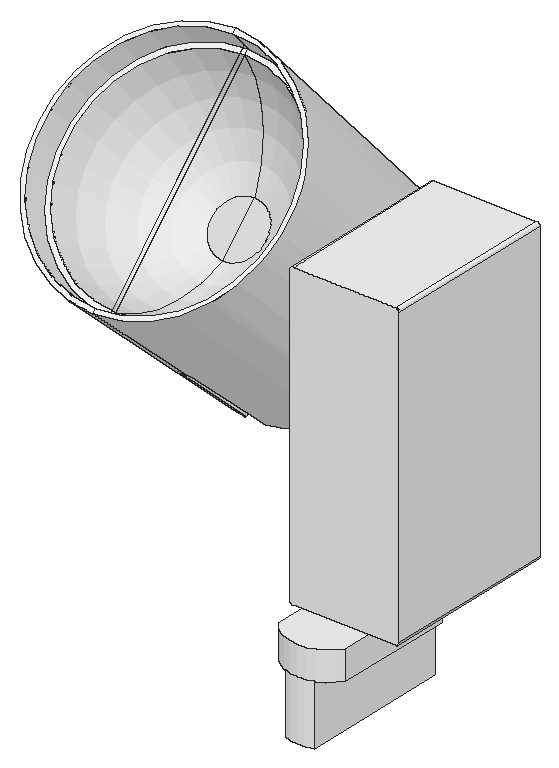
Revit family "0004881 Feilo Sylvania Lighting Fixture START TRACK SPOT L 55W 4K RA90 MB WHITE", category Lighting Fixtures, host Face, Revit 2017 (continued)
Definition of nested family "Start Track Spot Head"
  Types (96, lengths in mm): name | Wattage | built-in parameter 1150134 | Photometric Web File | Model | built-in parameter 1150105 | Lumens | built-in parameter 1150107 | built-in parameter 1150106 | HeadThickness_FEILO | HeadRibOffset_FEILO | HeadRibDepth_FEILO | HeadRibCutWidth_FEILO | HeadRibCutOffset_FEILO | HeadReflectorRadius_FEILO | HeadReflectorOffset_FEILO | HeadLEDRadius_FEILO | HeadHeight_FEILO | HeadDiffusorOffset_FEILO | HeadDiaOut_FEILO | HeadDiaIn_FEILO | HeadAxisFromTop_FEILO | Emit from Circle Diameter | built-in parameter 1150104 | Description | Apparent Load
    0004864 START TRACK SPOT S 24W 3K RA90 WB WHITE | 24 W | (empty or 0) | "0004864.ies" | "START TRACK SPOT S 24W 3K RA90 WB WHITE" | 152.79 (stored number, unit not read) | 1920 lm | 3000 (stored number, unit not read) | 1.5279 (stored number, unit not read) | 1.5 | 4.179 | 55.714 | 7.167 | 50.87 | 50.588 | 55.714 | 9.556 | 117 | 9.435 | 86 | 77.477 | 69.354 | 77.477 | 7.4322 (stored number, unit not read) | "Integrated LED spotlight, Textured White - RAL9016, compact and minimalist design, ideal for retail applications, die-cast aluminium body, passive cooling heatsink. Beam angle: 64°, color temperature: 3000K , total system power: 24W, total fixture output: 1928 lm, LOR: 100%, colour rendering: Ra: 90 typical, LED Chromaticity: 3 step MacAdam ellipse, lifetime: >50000 hours at L70B50, energy class: A++, A+, A, IR/UV free light source without heat radiation, operating voltage: 220-240V / 50-60Hz, drive current: 600mA, electronic driver, non-dimmable, power factor: 0.95, electrical protection: Class II, Global Track 3 Phase adapter suitable for Global trac 3-circuit tracks, ingress protection rating: IP20, suitable for internal environment only, horizontal rotation: 355°, vertical tilt: 90°, dimensions: Ø86x140x200, weight: 0.966kg." | 24 VA
    0004863 START TRACK SPOT S 24W 3K RA90 MB WHITE | 24 W | (empty or 0) | "0004863.ies" | "START TRACK SPOT S 24W 3K RA90 MB WHITE" | 154.7 (stored number, unit not read) | 1944 lm | 3000 (stored number, unit not read) | 1.547 (stored number, unit not read) | 1.5 | 4.179 | 55.714 | 7.167 | 50.87 | 50.588 | 55.714 | 9.556 | 117 | 9.435 | 86 | 77.477 | 69.354 | 77.477 | 7.5251 (stored number, unit not read) | "Integrated LED spotlight, Textured White - RAL9016, compact and minimalist design, ideal for retail applications, die-cast aluminium body, passive cooling heatsink. Beam angle: 36°, color temperature: 3000K , total system power: 24W, total fixture output: 1944 lm, LOR: 100%, colour rendering: Ra: 90 typical, LED Chromaticity: 3 step MacAdam ellipse, lifetime: >50000 hours at L70B50, energy class: A++, A+, A, IR/UV free light source without heat radiation, operating voltage: 220-240V / 50-60Hz, drive current: 600mA, electronic driver, non-dimmable, power factor: 0.95, electrical protection: Class II, Global Track 3 Phase adapter suitable for Global trac 3-circuit tracks, ingress protection rating: IP20, suitable for internal environment only, horizontal rotation: 355°, vertical tilt: 90°, dimensions: Ø86x140x200, weight: 0.966kg." | 24 VA
    0004862 START TRACK SPOT S 24W 3K RA90 NB WHITE | 24 W | (empty or 0) | "0004862.ies" | "START TRACK SPOT S 24W 3K RA90 NB WHITE" | 158.52 (stored number, unit not read) | 1992 lm | 3000 (stored number, unit not read) | 1.5852 (stored number, unit not read) | 1.5 | 4.179 | 55.714 | 7.167 | 50.87 | 50.588 | 55.714 | 9.556 | 117 | 9.435 | 86 | 77.477 | 69.354 | 77.477 | 7.711 (stored number, unit not read) | "Integrated LED spotlight, Textured White - RAL9016, compact and minimalist design, ideal for retail applications, die-cast aluminium body, passive cooling heatsink. Beam angle: 12°, color temperature: 3000K , total system power: 24W, total fixture output: 1987 lm, LOR: 100%, colour rendering: Ra: 90 typical, LED Chromaticity: 3 step MacAdam ellipse, lifetime: >50000 hours at L70B50, energy class: A++, A+, A, IR/UV free light source without heat radiation, operating voltage: 220-240V / 50-60Hz, drive current: 600mA, electronic driver, non-dimmable, power factor: 0.95, electrical protection: Class II, Global Track 3 Phase adapter suitable for Global trac 3-circuit tracks, ingress protection rating: IP20, suitable for internal environment only, horizontal rotation: 355°, vertical tilt: 90°, dimensions: Ø86x140x200, weight: 0.966kg." | 24 VA
    0004861 START TRACK SPOT S 14W 3K RA90 WB WHITE | 14 W | (empty or 0) | "0004861.ies" | "START TRACK SPOT S 14W 3K RA90 WB WHITE" | 100.27 (stored number, unit not read) | 1260 lm | 3000 (stored number, unit not read) | 1.0027 (stored number, unit not read) | 1.5 | 4.179 | 55.714 | 7.167 | 50.87 | 50.588 | 55.714 | 9.556 | 117 | 9.435 | 86 | 77.477 | 69.354 | 77.477 | 8.3613 (stored number, unit not read) | "Integrated LED spotlight, Textured White - RAL9016, compact and minimalist design, ideal for retail applications, die-cast aluminium body, passive cooling heatsink. Beam angle: 64°, color temperature: 3000K , total system power: 14W, total fixture output: 1262 lm, LOR: 100%, colour rendering: Ra: 90 typical, LED Chromaticity: 3 step MacAdam ellipse, lifetime: >50000 hours at L70B50, energy class: A++, A+, A, IR/UV free light source without heat radiation, operating voltage: 220-240V / 50-60Hz, drive current: 350mA, electronic driver, non-dimmable, power factor: 0.92, electrical protection: Class II, Global Track 3 Phase adapter suitable for Global trac 3-circuit tracks, ingress protection rating: IP20, suitable for internal environment only, horizontal rotation: 355°, vertical tilt: 90°, dimensions: Ø86x140x200, weight: 0.940kg." | 14 VA
    0004860 START TRACK SPOT S 14W 3K RA90 MB WHITE | 14 W | (empty or 0) | "0004860.ies" | "START TRACK SPOT S 14W 3K RA90 MB WHITE" | 100.27 (stored number, unit not read) | 1260 lm | 3000 (stored number, unit not read) | 1.0027 (stored number, unit not read) | 1.5 | 4.179 | 55.714 | 7.167 | 50.87 | 50.588 | 55.714 | 9.556 | 117 | 9.435 | 86 | 77.477 | 69.354 | 77.477 | 8.3613 (stored number, unit not read) | "Integrated LED spotlight, Textured White - RAL9016, compact and minimalist design, ideal for retail applications, die-cast aluminium body, passive cooling heatsink. Beam angle: 36°, color temperature: 3000K , total system power: 14W, total fixture output: 1262 lm, LOR: 100%, colour rendering: Ra: 90 typical, LED Chromaticity: 3 step MacAdam ellipse, lifetime: >50000 hours at L70B50, energy class: A++, A+, A, IR/UV free light source without heat radiation, operating voltage: 220-240V / 50-60Hz, drive current: 350mA, electronic driver, non-dimmable, power factor: 0.92, electrical protection: Class II, Global Track 3 Phase adapter suitable for Global trac 3-circuit tracks, ingress protection rating: IP20, suitable for internal environment only, horizontal rotation: 355°, vertical tilt: 90°, dimensions: Ø86x140x200, weight: 0.940kg." | 14 VA
    0004859 START TRACK SPOT S 14W 3K RA90 NB WHITE | 14 W | (empty or 0) | "0004859.ies" | "START TRACK SPOT S 14W 3K RA90 NB WHITE" | 102.5 (stored number, unit not read) | 1288 lm | 3000 (stored number, unit not read) | 1.025 (stored number, unit not read) | 1.5 | 4.179 | 55.714 | 7.167 | 50.87 | 50.588 | 55.714 | 9.556 | 117 | 9.435 | 86 | 77.477 | 69.354 | 77.477 | 8.5471 (stored number, unit not read) | "Integrated LED spotlight, Textured White - RAL9016, compact and minimalist design, ideal for retail applications, die-cast aluminium body, passive cooling heatsink. Beam angle: 12°, color temperature: 3000K , total system power: 14W, total fixture output: 1284 lm, LOR: 100%, colour rendering: Ra: 90 typical, LED Chromaticity: 3 step MacAdam ellipse, lifetime: >50000 hours at L70B50, energy class: A++, A+, A, IR/UV free light source without heat radiation, operating voltage: 220-240V / 50-60Hz, drive current: 350mA, electronic driver, non-dimmable, power factor: 0.92, electrical protection: Class II, Global Track 3 Phase adapter suitable for Global trac 3-circuit tracks, ingress protection rating: IP20, suitable for internal environment only, horizontal rotation: 355°, vertical tilt: 90°, dimensions: Ø86x140x200, weight: 0.940kg." | 14 VA
    0004858 START TRACK SPOT L 55W 4K RA80 WB BLACK | 55 W | 12 | "0004858.ies" | "START TRACK SPOT L 55W 4K RA80 WB BLACK" | 424.55 (stored number, unit not read) | 5335 lm | 4000 (stored number, unit not read) | 4.2455 (stored number, unit not read) | 2 | 4.429 | 59.048 | 9.417 | 53.913 | 66.471 | 59.048 | 12.556 | 124 | 10 | 113 | 101.802 | 73.503 | 101.802 | 9.0116 (stored number, unit not read) | "Integrated LED spotlight, Textured Black - RAL9005, compact and minimalist design, ideal for retail applications, die-cast aluminium body, passive cooling heatsink. Beam angle: 52°, color temperature: 4000K , total system power: 55W, total fixture output: 5320 lm, LOR: 100%, colour rendering: Ra: 80 typical, LED Chromaticity: 3 step MacAdam ellipse, lifetime: >50000 hours at L70B50, energy class: A++, A+, A, IR/UV free light source without heat radiation, operating voltage: 220-240V / 50-60Hz, drive current: 1400mA, electronic driver, non-dimmable, power factor: 0.96, electrical protection: Class II, Global Track 3 Phase adapter suitable for Global trac 3-circuit tracks, ingress protection rating: IP20, suitable for internal environment only, horizontal rotation: 355°, vertical tilt: 90°, dimensions: Ø113x164x240, weight: 1.398kg." | 55 VA
    0004857 START TRACK SPOT L 55W 4K RA80 MB BLACK | 55 W | 12 | "0004857.ies" | "START TRACK SPOT L 55W 4K RA80 MB BLACK" | 428.92 (stored number, unit not read) | 5390 lm | 4000 (stored number, unit not read) | 4.2892 (stored number, unit not read) | 2 | 4.429 | 59.048 | 9.417 | 53.913 | 66.471 | 59.048 | 12.556 | 124 | 10 | 113 | 101.802 | 73.503 | 101.802 | 9.1045 (stored number, unit not read) | "Integrated LED spotlight, Textured Black - RAL9005, compact and minimalist design, ideal for retail applications, die-cast aluminium body, passive cooling heatsink. Beam angle: 38°, color temperature: 4000K , total system power: 55W, total fixture output: 5378 lm, LOR: 100%, colour rendering: Ra: 80 typical, LED Chromaticity: 3 step MacAdam ellipse, lifetime: >50000 hours at L70B50, energy class: A++, A+, A, IR/UV free light source without heat radiation, operating voltage: 220-240V / 50-60Hz, drive current: 1400mA, electronic driver, non-dimmable, power factor: 0.96, electrical protection: Class II, Global Track 3 Phase adapter suitable for Global trac 3-circuit tracks, ingress protection rating: IP20, suitable for internal environment only, horizontal rotation: 355°, vertical tilt: 90°, dimensions: Ø113x164x240, weight: 1.398kg." | 55 VA
    0004856 START TRACK SPOT L 55W 4K RA80 NB BLACK | 55 W | 12 | "0004856.ies" | "START TRACK SPOT L 55W 4K RA80 NB BLACK" | 433.3 (stored number, unit not read) | 5445 lm | 4000 (stored number, unit not read) | 4.333 (stored number, unit not read) | 2 | 4.429 | 59.048 | 9.417 | 53.913 | 66.471 | 59.048 | 12.556 | 124 | 10 | 113 | 101.802 | 73.503 | 101.802 | 9.1974 (stored number, unit not read) | "Integrated LED spotlight, Textured Black - RAL9005, compact and minimalist design, ideal for retail applications, die-cast aluminium body, passive cooling heatsink. Beam angle: 15°, color temperature: 4000K , total system power: 55W, total fixture output: 5426 lm, LOR: 100%, colour rendering: Ra: 80 typical, LED Chromaticity: 3 step MacAdam ellipse, lifetime: >50000 hours at L70B50, energy class: A++, A+, A, IR/UV free light source without heat radiation, operating voltage: 220-240V / 50-60Hz, drive current: 1400mA, electronic driver, non-dimmable, power factor: 0.96, electrical protection: Class II, Global Track 3 Phase adapter suitable for Global trac 3-circuit tracks, ingress protection rating: IP20, suitable for internal environment only, horizontal rotation: 355°, vertical tilt: 90°, dimensions: Ø113x164x240, weight: 1.398kg." | 55 VA
    0004855 START TRACK SPOT L 35W 4K RA80 WB BLACK | 35 W | 12 | "0004855.ies" | "START TRACK SPOT L 35W 4K RA80 WB BLACK" | 320.3 (stored number, unit not read) | 4025 lm | 4000 (stored number, unit not read) | 3.203 (stored number, unit not read) | 2 | 4.429 | 59.048 | 9.417 | 53.913 | 66.471 | 59.048 | 12.556 | 124 | 10 | 113 | 101.802 | 73.503 | 101.802 | 10.684 (stored number, unit not read) | "Integrated LED spotlight, Textured Black - RAL9005, compact and minimalist design, ideal for retail applications, die-cast aluminium body, passive cooling heatsink. Beam angle: 52°, color temperature: 4000K , total system power: 35W, total fixture output: 4010 lm, LOR: 100%, colour rendering: Ra: 80 typical, LED Chromaticity: 3 step MacAdam ellipse, lifetime: >50000 hours at L70B50, energy class: A++, A+, A, IR/UV free light source without heat radiation, operating voltage: 220-240V / 50-60Hz, drive current: 900mA, electronic driver, non-dimmable, power factor: 0.93, electrical protection: Class II, Global Track 3 Phase adapter suitable for Global trac 3-circuit tracks, ingress protection rating: IP20, suitable for internal environment only, horizontal rotation: 355°, vertical tilt: 90°, dimensions: Ø113x164x240, weight: 1.368kg." | 35 VA
    0004854 START TRACK SPOT L 35W 4K RA80 MB BLACK | 35 W | 12 | "0004854.ies" | "START TRACK SPOT L 35W 4K RA80 MB BLACK" | 320.3 (stored number, unit not read) | 4025 lm | 4000 (stored number, unit not read) | 3.203 (stored number, unit not read) | 2 | 4.429 | 59.048 | 9.417 | 53.913 | 66.471 | 59.048 | 12.556 | 124 | 10 | 113 | 101.802 | 73.503 | 101.802 | 10.684 (stored number, unit not read) | "Integrated LED spotlight, Textured Black - RAL9005, compact and minimalist design, ideal for retail applications, die-cast aluminium body, passive cooling heatsink. Beam angle: 38°, color temperature: 4000K , total system power: 35W, total fixture output: 4017 lm, LOR: 100%, colour rendering: Ra: 80 typical, LED Chromaticity: 3 step MacAdam ellipse, lifetime: >50000 hours at L70B50, energy class: A++, A+, A, IR/UV free light source without heat radiation, operating voltage: 220-240V / 50-60Hz, drive current: 900mA, electronic driver, non-dimmable, power factor: 0.93, electrical protection: Class II, Global Track 3 Phase adapter suitable for Global trac 3-circuit tracks, ingress protection rating: IP20, suitable for internal environment only, horizontal rotation: 355°, vertical tilt: 90°, dimensions: Ø113x164x240, weight: 1.368kg." | 35 VA
    0004853 START TRACK SPOT L 35W 4K RA80 NB BLACK | 35 W | 12 | "0004853.ies" | "START TRACK SPOT L 35W 4K RA80 NB BLACK" | 331.44 (stored number, unit not read) | 4165 lm | 4000 (stored number, unit not read) | 3.3144 (stored number, unit not read) | 2 | 4.429 | 59.048 | 9.417 | 53.913 | 66.471 | 59.048 | 12.556 | 124 | 10 | 113 | 101.802 | 73.503 | 101.802 | 11.055 (stored number, unit not read) | "Integrated LED spotlight, Textured Black - RAL9005, compact and minimalist design, ideal for retail applications, die-cast aluminium body, passive cooling heatsink. Beam angle: 15°, color temperature: 4000K , total system power: 35W, total fixture output: 4174 lm, LOR: 100%, colour rendering: Ra: 80 typical, LED Chromaticity: 3 step MacAdam ellipse, lifetime: >50000 hours at L70B50, energy class: A++, A+, A, IR/UV free light source without heat radiation, operating voltage: 220-240V / 50-60Hz, drive current: 900mA, electronic driver, non-dimmable, power factor: 0.93, electrical protection: Class II, Global Track 3 Phase adapter suitable for Global trac 3-circuit tracks, ingress protection rating: IP20, suitable for internal environment only, horizontal rotation: 355°, vertical tilt: 90°, dimensions: Ø113x164x240, weight: 1.368kg." | 35 VA
    0004852 START TRACK SPOT S 24W 4K RA80 WB BLACK | 24 W | 12 | "0004852.ies" | "START TRACK SPOT S 24W 4K RA80 WB BLACK" | 196.72 (stored number, unit not read) | 2472 lm | 4000 (stored number, unit not read) | 1.9672 (stored number, unit not read) | 1.5 | 4.179 | 55.714 | 7.167 | 50.87 | 50.588 | 55.714 | 9.556 | 117 | 9.435 | 86 | 77.477 | 69.354 | 77.477 | 9.569 (stored number, unit not read) | "Integrated LED spotlight, Textured Black - RAL9005, compact and minimalist design, ideal for retail applications, die-cast aluminium body, passive cooling heatsink. Beam angle: 64°, color temperature: 4000K , total system power: 24W, total fixture output: 2476 lm, LOR: 100%, colour rendering: Ra: 80 typical, LED Chromaticity: 3 step MacAdam ellipse, lifetime: >50000 hours at L70B50, energy class: A++, A+, A, IR/UV free light source without heat radiation, operating voltage: 220-240V / 50-60Hz, drive current: 600mA, electronic driver, non-dimmable, power factor: 0.95, electrical protection: Class II, Global Track 3 Phase adapter suitable for Global trac 3-circuit tracks, ingress protection rating: IP20, suitable for internal environment only, horizontal rotation: 355°, vertical tilt: 90°, dimensions: Ø86x140x200, weight: 0.966kg." | 24 VA
    0004851 START TRACK SPOT S 24W 4K RA80 MB BLACK | 24 W | 12 | "0004851.ies" | "START TRACK SPOT S 24W 4K RA80 MB BLACK" | 198.63 (stored number, unit not read) | 2496 lm | 4000 (stored number, unit not read) | 1.9863 (stored number, unit not read) | 1.5 | 4.179 | 55.714 | 7.167 | 50.87 | 50.588 | 55.714 | 9.556 | 117 | 9.435 | 86 | 77.477 | 69.354 | 77.477 | 9.6619 (stored number, unit not read) | "Integrated LED spotlight, Textured Black - RAL9005, compact and minimalist design, ideal for retail applications, die-cast aluminium body, passive cooling heatsink. Beam angle: 36°, color temperature: 4000K , total system power: 24W, total fixture output: 2487 lm, LOR: 100%, colour rendering: Ra: 80 typical, LED Chromaticity: 3 step MacAdam ellipse, lifetime: >50000 hours at L70B50, energy class: A++, A+, A, IR/UV free light source without heat radiation, operating voltage: 220-240V / 50-60Hz, drive current: 600mA, electronic driver, non-dimmable, power factor: 0.95, electrical protection: Class II, Global Track 3 Phase adapter suitable for Global trac 3-circuit tracks, ingress protection rating: IP20, suitable for internal environment only, horizontal rotation: 355°, vertical tilt: 90°, dimensions: Ø86x140x200, weight: 0.966kg." | 24 VA
    0004850 START TRACK SPOT S 24W 4K RA80 NB BLACK | 24 W | 12 | "0004850.ies" | "START TRACK SPOT S 24W 4K RA80 NB BLACK" | 200.54 (stored number, unit not read) | 2520 lm | 4000 (stored number, unit not read) | 2.0054 (stored number, unit not read) | 1.5 | 4.179 | 55.714 | 7.167 | 50.87 | 50.588 | 55.714 | 9.556 | 117 | 9.435 | 86 | 77.477 | 69.354 | 77.477 | 9.7548 (stored number, unit not read) | "Integrated LED spotlight, Textured Black - RAL9005, compact and minimalist design, ideal for retail applications, die-cast aluminium body, passive cooling heatsink. Beam angle: 12°, color temperature: 4000K , total system power: 24W, total fixture output: 2529 lm, LOR: 100%, colour rendering: Ra: 80 typical, LED Chromaticity: 3 step MacAdam ellipse, lifetime: >50000 hours at L70B50, energy class: A++, A+, A, IR/UV free light source without heat radiation, operating voltage: 220-240V / 50-60Hz, drive current: 600mA, electronic driver, non-dimmable, power factor: 0.95, electrical protection: Class II, Global Track 3 Phase adapter suitable for Global trac 3-circuit tracks, ingress protection rating: IP20, suitable for internal environment only, horizontal rotation: 355°, vertical tilt: 90°, dimensions: Ø86x140x200, weight: 0.966kg." | 24 VA
    0004849 START TRACK SPOT S 14W 4K RA80 WB BLACK | 14 W | 12 | "0004849.ies" | "START TRACK SPOT S 14W 4K RA80 WB BLACK" | 123.66 (stored number, unit not read) | 1554 lm | 4000 (stored number, unit not read) | 1.2366 (stored number, unit not read) | 1.5 | 4.179 | 55.714 | 7.167 | 50.87 | 50.588 | 55.714 | 9.556 | 117 | 9.435 | 86 | 77.477 | 69.354 | 77.477 | 10.312 (stored number, unit not read) | "Integrated LED spotlight, Textured Black - RAL9005, compact and minimalist design, ideal for retail applications, die-cast aluminium body, passive cooling heatsink. Beam angle: 64°, color temperature: 4000K , total system power: 14W, total fixture output: 1558 lm, LOR: 100%, colour rendering: Ra: 80 typical, LED Chromaticity: 3 step MacAdam ellipse, lifetime: >50000 hours at L70B50, energy class: A++, A+, A, IR/UV free light source without heat radiation, operating voltage: 220-240V / 50-60Hz, drive current: 350mA, electronic driver, non-dimmable, power factor: 0.92, electrical protection: Class II, Global Track 3 Phase adapter suitable for Global trac 3-circuit tracks, ingress protection rating: IP20, suitable for internal environment only, horizontal rotation: 355°, vertical tilt: 90°, dimensions: Ø86x140x200, weight: 0.940kg." | 14 VA
    0004848 START TRACK SPOT S 14W 4K RA80 MB BLACK | 14 W | 12 | "0004848.ies" | "START TRACK SPOT S 14W 4K RA80 MB BLACK" | 127.01 (stored number, unit not read) | 1596 lm | 4000 (stored number, unit not read) | 1.2701 (stored number, unit not read) | 1.5 | 4.179 | 55.714 | 7.167 | 50.87 | 50.588 | 55.714 | 9.556 | 117 | 9.435 | 86 | 77.477 | 69.354 | 77.477 | 10.591 (stored number, unit not read) | "Integrated LED spotlight, Textured Black - RAL9005, compact and minimalist design, ideal for retail applications, die-cast aluminium body, passive cooling heatsink. Beam angle: 36°, color temperature: 4000K , total system power: 14W, total fixture output: 1598 lm, LOR: 100%, colour rendering: Ra: 80 typical, LED Chromaticity: 3 step MacAdam ellipse, lifetime: >50000 hours at L70B50, energy class: A++, A+, A, IR/UV free light source without heat radiation, operating voltage: 220-240V / 50-60Hz, drive current: 350mA, electronic driver, non-dimmable, power factor: 0.92, electrical protection: Class II, Global Track 3 Phase adapter suitable for Global trac 3-circuit tracks, ingress protection rating: IP20, suitable for internal environment only, horizontal rotation: 355°, vertical tilt: 90°, dimensions: Ø86x140x200, weight: 0.940kg." | 14 VA
    0004847 START TRACK SPOT S 14W 4K RA80 NB BLACK | 14 W | 12 | "0004847.ies" | "START TRACK SPOT S 14W 4K RA80 NB BLACK" | 128.12 (stored number, unit not read) | 1610 lm | 4000 (stored number, unit not read) | 1.2812 (stored number, unit not read) | 1.5 | 4.179 | 55.714 | 7.167 | 50.87 | 50.588 | 55.714 | 9.556 | 117 | 9.435 | 86 | 77.477 | 69.354 | 77.477 | 10.684 (stored number, unit not read) | "Integrated LED spotlight, Textured Black - RAL9005, compact and minimalist design, ideal for retail applications, die-cast aluminium body, passive cooling heatsink. Beam angle: 12°, color temperature: 4000K , total system power: 14W, total fixture output: 1608 lm, LOR: 100%, colour rendering: Ra: 80 typical, LED Chromaticity: 3 step MacAdam ellipse, lifetime: >50000 hours at L70B50, energy class: A++, A+, A, IR/UV free light source without heat radiation, operating voltage: 220-240V / 50-60Hz, drive current: 350mA, electronic driver, non-dimmable, power factor: 0.92, electrical protection: Class II, Global Track 3 Phase adapter suitable for Global trac 3-circuit tracks, ingress protection rating: IP20, suitable for internal environment only, horizontal rotation: 355°, vertical tilt: 90°, dimensions: Ø86x140x200, weight: 0.940kg." | 14 VA
    0004846 START TRACK SPOT L 55W 3K RA80 WB BLACK | 55 W | (empty or 0) | "0004846.ies" | "START TRACK SPOT L 55W 3K RA80 WB BLACK" | 420.17 (stored number, unit not read) | 5280 lm | 3000 (stored number, unit not read) | 4.2017 (stored number, unit not read) | 2 | 4.429 | 59.048 | 9.417 | 53.913 | 66.471 | 59.048 | 12.556 | 124 | 10 | 113 | 101.802 | 73.503 | 101.802 | 8.9187 (stored number, unit not read) | "Integrated LED spotlight, Textured Black - RAL9005, compact and minimalist design, ideal for retail applications, die-cast aluminium body, passive cooling heatsink. Beam angle: 52°, color temperature: 3000K , total system power: 55W, total fixture output: 5298 lm, LOR: 100%, colour rendering: Ra: 80 typical, LED Chromaticity: 3 step MacAdam ellipse, lifetime: >50000 hours at L70B50, energy class: A++, A+, A, IR/UV free light source without heat radiation, operating voltage: 220-240V / 50-60Hz, drive current: 1400mA, electronic driver, non-dimmable, power factor: 0.96, electrical protection: Class II, Global Track 3 Phase adapter suitable for Global trac 3-circuit tracks, ingress protection rating: IP20, suitable for internal environment only, horizontal rotation: 355°, vertical tilt: 90°, dimensions: Ø113x164x240, weight: 1.398kg." | 55 VA
    0004845 START TRACK SPOT L 55W 3K RA80 MB BLACK | 55 W | (empty or 0) | "0004845.ies" | "START TRACK SPOT L 55W 3K RA80 MB BLACK" | 428.92 (stored number, unit not read) | 5390 lm | 3000 (stored number, unit not read) | 4.2892 (stored number, unit not read) | 2 | 4.429 | 59.048 | 9.417 | 53.913 | 66.471 | 59.048 | 12.556 | 124 | 10 | 113 | 101.802 | 73.503 | 101.802 | 9.1045 (stored number, unit not read) | "Integrated LED spotlight, Textured Black - RAL9005, compact and minimalist design, ideal for retail applications, die-cast aluminium body, passive cooling heatsink. Beam angle: 38°, color temperature: 3000K , total system power: 55W, total fixture output: 5381 lm, LOR: 100%, colour rendering: Ra: 80 typical, LED Chromaticity: 3 step MacAdam ellipse, lifetime: >50000 hours at L70B50, energy class: A++, A+, A, IR/UV free light source without heat radiation, operating voltage: 220-240V / 50-60Hz, drive current: 1400mA, electronic driver, non-dimmable, power factor: 0.96, electrical protection: Class II, Global Track 3 Phase adapter suitable for Global trac 3-circuit tracks, ingress protection rating: IP20, suitable for internal environment only, horizontal rotation: 355°, vertical tilt: 90°, dimensions: Ø113x164x240, weight: 1.398kg." | 55 VA
    0004844 START TRACK SPOT L 55W 3K RA80 NB BLACK | 55 W | (empty or 0) | "0004844.ies" | "START TRACK SPOT L 55W 3K RA80 NB BLACK" | 433.3 (stored number, unit not read) | 5445 lm | 3000 (stored number, unit not read) | 4.333 (stored number, unit not read) | 2 | 4.429 | 59.048 | 9.417 | 53.913 | 66.471 | 59.048 | 12.556 | 124 | 10 | 113 | 101.802 | 73.503 | 101.802 | 9.1974 (stored number, unit not read) | "Integrated LED spotlight, Textured Black - RAL9005, compact and minimalist design, ideal for retail applications, die-cast aluminium body, passive cooling heatsink. Beam angle: 15°, color temperature: 3000K , total system power: 55W, total fixture output: 5449 lm, LOR: 100%, colour rendering: Ra: 80 typical, LED Chromaticity: 3 step MacAdam ellipse, lifetime: >50000 hours at L70B50, energy class: A++, A+, A, IR/UV free light source without heat radiation, operating voltage: 220-240V / 50-60Hz, drive current: 1400mA, electronic driver, non-dimmable, power factor: 0.96, electrical protection: Class II, Global Track 3 Phase adapter suitable for Global trac 3-circuit tracks, ingress protection rating: IP20, suitable for internal environment only, horizontal rotation: 355°, vertical tilt: 90°, dimensions: Ø113x164x240, weight: 1.398kg." | 55 VA
    0004843 START TRACK SPOT L 35W 3K RA80 WB BLACK | 35 W | (empty or 0) | "0004843.ies" | "START TRACK SPOT L 35W 3K RA80 WB BLACK" | 314.73 (stored number, unit not read) | 3955 lm | 3000 (stored number, unit not read) | 3.1473 (stored number, unit not read) | 2 | 4.429 | 59.048 | 9.417 | 53.913 | 66.471 | 59.048 | 12.556 | 124 | 10 | 113 | 101.802 | 73.503 | 101.802 | 10.498 (stored number, unit not read) | "Integrated LED spotlight, Textured Black - RAL9005, compact and minimalist design, ideal for retail applications, die-cast aluminium body, passive cooling heatsink. Beam angle: 52°, color temperature: 3000K , total system power: 35W, total fixture output: 3943 lm, LOR: 100%, colour rendering: Ra: 80 typical, LED Chromaticity: 3 step MacAdam ellipse, lifetime: >50000 hours at L70B50, energy class: A++, A+, A, IR/UV free light source without heat radiation, operating voltage: 220-240V / 50-60Hz, drive current: 900mA, electronic driver, non-dimmable, power factor: 0.93, electrical protection: Class II, Global Track 3 Phase adapter suitable for Global trac 3-circuit tracks, ingress protection rating: IP20, suitable for internal environment only, horizontal rotation: 355°, vertical tilt: 90°, dimensions: Ø113x164x240, weight: 1.368kg." | 35 VA
    0004842 START TRACK SPOT L 35W 3K RA80 MB BLACK | 35 W | (empty or 0) | "0004842.ies" | "START TRACK SPOT L 35W 3K RA80 MB BLACK" | 320.3 (stored number, unit not read) | 4025 lm | 3000 (stored number, unit not read) | 3.203 (stored number, unit not read) | 2 | 4.429 | 59.048 | 9.417 | 53.913 | 66.471 | 59.048 | 12.556 | 124 | 10 | 113 | 101.802 | 73.503 | 101.802 | 10.684 (stored number, unit not read) | "Integrated LED spotlight, Textured Black - RAL9005, compact and minimalist design, ideal for retail applications, die-cast aluminium body, passive cooling heatsink. Beam angle: 38°, color temperature: 3000K , total system power: 35W, total fixture output: 4008 lm, LOR: 100%, colour rendering: Ra: 80 typical, LED Chromaticity: 3 step MacAdam ellipse, lifetime: >50000 hours at L70B50, energy class: A++, A+, A, IR/UV free light source without heat radiation, operating voltage: 220-240V / 50-60Hz, drive current: 900mA, electronic driver, non-dimmable, power factor: 0.93, electrical protection: Class II, Global Track 3 Phase adapter suitable for Global trac 3-circuit tracks, ingress protection rating: IP20, suitable for internal environment only, horizontal rotation: 355°, vertical tilt: 90°, dimensions: Ø113x164x240, weight: 1.368kg." | 35 VA
    0004841 START TRACK SPOT L 35W 3K RA80 NB BLACK | 35 W | (empty or 0) | "0004841.ies" | "START TRACK SPOT L 35W 3K RA80 NB BLACK" | 317.51 (stored number, unit not read) | 3990 lm | 3000 (stored number, unit not read) | 3.1751 (stored number, unit not read) | 2 | 4.429 | 59.048 | 9.417 | 53.913 | 66.471 | 59.048 | 12.556 | 124 | 10 | 113 | 101.802 | 73.503 | 101.802 | 10.591 (stored number, unit not read) | "Integrated LED spotlight, Textured Black - RAL9005, compact and minimalist design, ideal for retail applications, die-cast aluminium body, passive cooling heatsink. Beam angle: 15°, color temperature: 3000K , total system power: 35W, total fixture output: 4005 lm, LOR: 100%, colour rendering: Ra: 80 typical, LED Chromaticity: 3 step MacAdam ellipse, lifetime: >50000 hours at L70B50, energy class: A++, A+, A, IR/UV free light source without heat radiation, operating voltage: 220-240V / 50-60Hz, drive current: 900mA, electronic driver, non-dimmable, power factor: 0.93, electrical protection: Class II, Global Track 3 Phase adapter suitable for Global trac 3-circuit tracks, ingress protection rating: IP20, suitable for internal environment only, horizontal rotation: 355°, vertical tilt: 90°, dimensions: Ø113x164x240, weight: 1.368kg." | 35 VA
    0004840 START TRACK SPOT S 24W 3K RA80 WB BLACK | 24 W | (empty or 0) | "0004840.ies" | "START TRACK SPOT S 24W 3K RA80 WB BLACK" | 185.26 (stored number, unit not read) | 2328 lm | 3000 (stored number, unit not read) | 1.8526 (stored number, unit not read) | 1.5 | 4.179 | 55.714 | 7.167 | 50.87 | 50.588 | 55.714 | 9.556 | 117 | 9.435 | 86 | 77.477 | 69.354 | 77.477 | 9.0116 (stored number, unit not read) | "Integrated LED spotlight, Textured Black - RAL9005, compact and minimalist design, ideal for retail applications, die-cast aluminium body, passive cooling heatsink. Beam angle: 64°, color temperature: 3000K , total system power: 24W, total fixture output: 2318 lm, LOR: 100%, colour rendering: Ra: 80 typical, LED Chromaticity: 3 step MacAdam ellipse, lifetime: >50000 hours at L70B50, energy class: A++, A+, A, IR/UV free light source without heat radiation, operating voltage: 220-240V / 50-60Hz, drive current: 600mA, electronic driver, non-dimmable, power factor: 0.95, electrical protection: Class II, Global Track 3 Phase adapter suitable for Global trac 3-circuit tracks, ingress protection rating: IP20, suitable for internal environment only, horizontal rotation: 355°, vertical tilt: 90°, dimensions: Ø86x140x200, weight: 0.966kg." | 24 VA
    0004839 START TRACK SPOT S 24W 3K RA80 MB BLACK | 24 W | (empty or 0) | "0004839.ies" | "START TRACK SPOT S 24W 3K RA80 MB BLACK" | 183.35 (stored number, unit not read) | 2304 lm | 3000 (stored number, unit not read) | 1.8335 (stored number, unit not read) | 1.5 | 4.179 | 55.714 | 7.167 | 50.87 | 50.588 | 55.714 | 9.556 | 117 | 9.435 | 86 | 77.477 | 69.354 | 77.477 | 8.9187 (stored number, unit not read) | "Integrated LED spotlight, Textured Black - RAL9005, compact and minimalist design, ideal for retail applications, die-cast aluminium body, passive cooling heatsink. Beam angle: 36°, color temperature: 3000K , total system power: 24W, total fixture output: 2314 lm, LOR: 100%, colour rendering: Ra: 80 typical, LED Chromaticity: 3 step MacAdam ellipse, lifetime: >50000 hours at L70B50, energy class: A++, A+, A, IR/UV free light source without heat radiation, operating voltage: 220-240V / 50-60Hz, drive current: 600mA, electronic driver, non-dimmable, power factor: 0.95, electrical protection: Class II, Global Track 3 Phase adapter suitable for Global trac 3-circuit tracks, ingress protection rating: IP20, suitable for internal environment only, horizontal rotation: 355°, vertical tilt: 90°, dimensions: Ø86x140x200, weight: 0.966kg." | 24 VA
    0004838 START TRACK SPOT S 24W 3K RA80 NB BLACK | 24 W | (empty or 0) | "0004838.ies" | "START TRACK SPOT S 24W 3K RA80 NB BLACK" | 185.26 (stored number, unit not read) | 2328 lm | 3000 (stored number, unit not read) | 1.8526 (stored number, unit not read) | 1.5 | 4.179 | 55.714 | 7.167 | 50.87 | 50.588 | 55.714 | 9.556 | 117 | 9.435 | 86 | 77.477 | 69.354 | 77.477 | 9.0116 (stored number, unit not read) | "Integrated LED spotlight, Textured Black - RAL9005, compact and minimalist design, ideal for retail applications, die-cast aluminium body, passive cooling heatsink. Beam angle: 12°, color temperature: 3000K , total system power: 24W, total fixture output: 2334 lm, LOR: 100%, colour rendering: Ra: 80 typical, LED Chromaticity: 3 step MacAdam ellipse, lifetime: >50000 hours at L70B50, energy class: A++, A+, A, IR/UV free light source without heat radiation, operating voltage: 220-240V / 50-60Hz, drive current: 600mA, electronic driver, non-dimmable, power factor: 0.95, electrical protection: Class II, Global Track 3 Phase adapter suitable for Global trac 3-circuit tracks, ingress protection rating: IP20, suitable for internal environment only, horizontal rotation: 355°, vertical tilt: 90°, dimensions: Ø86x140x200, weight: 0.966kg." | 24 VA
    0004837 START TRACK SPOT S 14W 3K RA80 WB BLACK | 14 W | (empty or 0) | "0004837.ies" | "START TRACK SPOT S 14W 3K RA80 WB BLACK" | 119.21 (stored number, unit not read) | 1498 lm | 3000 (stored number, unit not read) | 1.1921 (stored number, unit not read) | 1.5 | 4.179 | 55.714 | 7.167 | 50.87 | 50.588 | 55.714 | 9.556 | 117 | 9.435 | 86 | 77.477 | 69.354 | 77.477 | 9.9406 (stored number, unit not read) | "Integrated LED spotlight, Textured Black - RAL9005, compact and minimalist design, ideal for retail applications, die-cast aluminium body, passive cooling heatsink. Beam angle: 64°, color temperature: 3000K , total system power: 14W, total fixture output: 1498 lm, LOR: 100%, colour rendering: Ra: 80 typical, LED Chromaticity: 3 step MacAdam ellipse, lifetime: >50000 hours at L70B50, energy class: A++, A+, A, IR/UV free light source without heat radiation, operating voltage: 220-240V / 50-60Hz, drive current: 350mA, electronic driver, non-dimmable, power factor: 0.92, electrical protection: Class II, Global Track 3 Phase adapter suitable for Global trac 3-circuit tracks, ingress protection rating: IP20, suitable for internal environment only, horizontal rotation: 355°, vertical tilt: 90°, dimensions: Ø86x140x200, weight: 0.940kg." | 14 VA
    0004836 START TRACK SPOT S 14W 3K RA80 MB BLACK | 14 W | (empty or 0) | "0004836.ies" | "START TRACK SPOT S 14W 3K RA80 MB BLACK" | 120.32 (stored number, unit not read) | 1512 lm | 3000 (stored number, unit not read) | 1.2032 (stored number, unit not read) | 1.5 | 4.179 | 55.714 | 7.167 | 50.87 | 50.588 | 55.714 | 9.556 | 117 | 9.435 | 86 | 77.477 | 69.354 | 77.477 | 10.034 (stored number, unit not read) | "Integrated LED spotlight, Textured Black - RAL9005, compact and minimalist design, ideal for retail applications, die-cast aluminium body, passive cooling heatsink. Beam angle: 36°, color temperature: 3000K , total system power: 14W, total fixture output: 1508 lm, LOR: 100%, colour rendering: Ra: 80 typical, LED Chromaticity: 3 step MacAdam ellipse, lifetime: >50000 hours at L70B50, energy class: A++, A+, A, IR/UV free light source without heat radiation, operating voltage: 220-240V / 50-60Hz, drive current: 350mA, electronic driver, non-dimmable, power factor: 0.92, electrical protection: Class II, Global Track 3 Phase adapter suitable for Global trac 3-circuit tracks, ingress protection rating: IP20, suitable for internal environment only, horizontal rotation: 355°, vertical tilt: 90°, dimensions: Ø86x140x200, weight: 0.940kg." | 14 VA
    0004835 START TRACK SPOT S 14W 3K RA80 NB BLACK | 14 W | (empty or 0) | "0004835.ies" | "START TRACK SPOT S 14W 3K RA80 NB BLACK" | 123.66 (stored number, unit not read) | 1554 lm | 3000 (stored number, unit not read) | 1.2366 (stored number, unit not read) | 1.5 | 4.179 | 55.714 | 7.167 | 50.87 | 50.588 | 55.714 | 9.556 | 117 | 9.435 | 86 | 77.477 | 69.354 | 77.477 | 10.312 (stored number, unit not read) | "Integrated LED spotlight, Textured Black - RAL9005, compact and minimalist design, ideal for retail applications, die-cast aluminium body, passive cooling heatsink. Beam angle: 12°, color temperature: 3000K , total system power: 14W, total fixture output: 1551 lm, LOR: 100%, colour rendering: Ra: 80 typical, LED Chromaticity: 3 step MacAdam ellipse, lifetime: >50000 hours at L70B50, energy class: A++, A+, A, IR/UV free light source without heat radiation, operating voltage: 220-240V / 50-60Hz, drive current: 350mA, electronic driver, non-dimmable, power factor: 0.92, electrical protection: Class II, Global Track 3 Phase adapter suitable for Global trac 3-circuit tracks, ingress protection rating: IP20, suitable for internal environment only, horizontal rotation: 355°, vertical tilt: 90°, dimensions: Ø86x140x200, weight: 0.940kg." | 14 VA
    0004834 START TRACK SPOT L 55W 4K RA80 WB WHITE | 55 W | 12 | "0004834.ies" | "START TRACK SPOT L 55W 4K RA80 WB WHITE" | 424.55 (stored number, unit not read) | 5335 lm | 4000 (stored number, unit not read) | 4.2455 (stored number, unit not read) | 2 | 4.429 | 59.048 | 9.417 | 53.913 | 66.471 | 59.048 | 12.556 | 124 | 10 | 113 | 101.802 | 73.503 | 101.802 | 9.0116 (stored number, unit not read) | "Integrated LED spotlight, Textured White - RAL9016, compact and minimalist design, ideal for retail applications, die-cast aluminium body, passive cooling heatsink. Beam angle: 52°, color temperature: 4000K , total system power: 55W, total fixture output: 5320 lm, LOR: 100%, colour rendering: Ra: 80 typical, LED Chromaticity: 3 step MacAdam ellipse, lifetime: >50000 hours at L70B50, energy class: A++, A+, A, IR/UV free light source without heat radiation, operating voltage: 220-240V / 50-60Hz, drive current: 1400mA, electronic driver, non-dimmable, power factor: 0.96, electrical protection: Class II, Global Track 3 Phase adapter suitable for Global trac 3-circuit tracks, ingress protection rating: IP20, suitable for internal environment only, horizontal rotation: 355°, vertical tilt: 90°, dimensions: Ø113x164x240, weight: 1.398kg." | 55 VA
    0004833 START TRACK SPOT L 55W 4K RA80 MB WHITE | 55 W | 12 | "0004833.ies" | "START TRACK SPOT L 55W 4K RA80 MB WHITE" | 428.92 (stored number, unit not read) | 5390 lm | 4000 (stored number, unit not read) | 4.2892 (stored number, unit not read) | 2 | 4.429 | 59.048 | 9.417 | 53.913 | 66.471 | 59.048 | 12.556 | 124 | 10 | 113 | 101.802 | 73.503 | 101.802 | 9.1045 (stored number, unit not read) | "Integrated LED spotlight, Textured White - RAL9016, compact and minimalist design, ideal for retail applications, die-cast aluminium body, passive cooling heatsink. Beam angle: 38°, color temperature: 4000K , total system power: 55W, total fixture output: 5378 lm, LOR: 100%, colour rendering: Ra: 80 typical, LED Chromaticity: 3 step MacAdam ellipse, lifetime: >50000 hours at L70B50, energy class: A++, A+, A, IR/UV free light source without heat radiation, operating voltage: 220-240V / 50-60Hz, drive current: 1400mA, electronic driver, non-dimmable, power factor: 0.96, electrical protection: Class II, Global Track 3 Phase adapter suitable for Global trac 3-circuit tracks, ingress protection rating: IP20, suitable for internal environment only, horizontal rotation: 355°, vertical tilt: 90°, dimensions: Ø113x164x240, weight: 1.398kg." | 55 VA
    0004832 START TRACK SPOT L 55W 4K RA80 NB WHITE | 55 W | 12 | "0004832.ies" | "START TRACK SPOT L 55W 4K RA80 NB WHITE" | 433.3 (stored number, unit not read) | 5445 lm | 4000 (stored number, unit not read) | 4.333 (stored number, unit not read) | 2 | 4.429 | 59.048 | 9.417 | 53.913 | 66.471 | 59.048 | 12.556 | 124 | 10 | 113 | 101.802 | 73.503 | 101.802 | 9.1974 (stored number, unit not read) | "Integrated LED spotlight, Textured White - RAL9016, compact and minimalist design, ideal for retail applications, die-cast aluminium body, passive cooling heatsink. Beam angle: 15°, color temperature: 4000K , total system power: 55W, total fixture output: 5426 lm, LOR: 100%, colour rendering: Ra: 80 typical, LED Chromaticity: 3 step MacAdam ellipse, lifetime: >50000 hours at L70B50, energy class: A++, A+, A, IR/UV free light source without heat radiation, operating voltage: 220-240V / 50-60Hz, drive current: 1400mA, electronic driver, non-dimmable, power factor: 0.96, electrical protection: Class II, Global Track 3 Phase adapter suitable for Global trac 3-circuit tracks, ingress protection rating: IP20, suitable for internal environment only, horizontal rotation: 355°, vertical tilt: 90°, dimensions: Ø113x164x240, weight: 1.398kg." | 55 VA
    0004831 START TRACK SPOT L 35W 4K RA80 WB WHITE | 35 W | 12 | "0004831.ies" | "START TRACK SPOT L 35W 4K RA80 WB WHITE" | 320.3 (stored number, unit not read) | 4025 lm | 4000 (stored number, unit not read) | 3.203 (stored number, unit not read) | 2 | 4.429 | 59.048 | 9.417 | 53.913 | 66.471 | 59.048 | 12.556 | 124 | 10 | 113 | 101.802 | 73.503 | 101.802 | 10.684 (stored number, unit not read) | "Integrated LED spotlight, Textured White - RAL9016, compact and minimalist design, ideal for retail applications, die-cast aluminium body, passive cooling heatsink. Beam angle: 52°, color temperature: 4000K , total system power: 35W, total fixture output: 4010 lm, LOR: 100%, colour rendering: Ra: 80 typical, LED Chromaticity: 3 step MacAdam ellipse, lifetime: >50000 hours at L70B50, energy class: A++, A+, A, IR/UV free light source without heat radiation, operating voltage: 220-240V / 50-60Hz, drive current: 900mA, electronic driver, non-dimmable, power factor: 0.93, electrical protection: Class II, Global Track 3 Phase adapter suitable for Global trac 3-circuit tracks, ingress protection rating: IP20, suitable for internal environment only, horizontal rotation: 355°, vertical tilt: 90°, dimensions: Ø113x164x240, weight: 1.368kg." | 35 VA
    0004830 START TRACK SPOT L 35W 4K RA80 MB WHITE | 35 W | 12 | "0004830.ies" | "START TRACK SPOT L 35W 4K RA80 MB WHITE" | 320.3 (stored number, unit not read) | 4025 lm | 4000 (stored number, unit not read) | 3.203 (stored number, unit not read) | 2 | 4.429 | 59.048 | 9.417 | 53.913 | 66.471 | 59.048 | 12.556 | 124 | 10 | 113 | 101.802 | 73.503 | 101.802 | 10.684 (stored number, unit not read) | "Integrated LED spotlight, Textured White - RAL9016, compact and minimalist design, ideal for retail applications, die-cast aluminium body, passive cooling heatsink. Beam angle: 38°, color temperature: 4000K , total system power: 35W, total fixture output: 4017 lm, LOR: 100%, colour rendering: Ra: 80 typical, LED Chromaticity: 3 step MacAdam ellipse, lifetime: >50000 hours at L70B50, energy class: A++, A+, A, IR/UV free light source without heat radiation, operating voltage: 220-240V / 50-60Hz, drive current: 900mA, electronic driver, non-dimmable, power factor: 0.93, electrical protection: Class II, Global Track 3 Phase adapter suitable for Global trac 3-circuit tracks, ingress protection rating: IP20, suitable for internal environment only, horizontal rotation: 355°, vertical tilt: 90°, dimensions: Ø113x164x240, weight: 1.368kg." | 35 VA
    0004829 START TRACK SPOT L 35W 4K RA80 NB WHITE | 35 W | 12 | "0004829.ies" | "START TRACK SPOT L 35W 4K RA80 NB WHITE" | 331.44 (stored number, unit not read) | 4165 lm | 4000 (stored number, unit not read) | 3.3144 (stored number, unit not read) | 2 | 4.429 | 59.048 | 9.417 | 53.913 | 66.471 | 59.048 | 12.556 | 124 | 10 | 113 | 101.802 | 73.503 | 101.802 | 11.055 (stored number, unit not read) | "Integrated LED spotlight, Textured White - RAL9016, compact and minimalist design, ideal for retail applications, die-cast aluminium body, passive cooling heatsink. Beam angle: 15°, color temperature: 4000K , total system power: 35W, total fixture output: 4174 lm, LOR: 100%, colour rendering: Ra: 80 typical, LED Chromaticity: 3 step MacAdam ellipse, lifetime: >50000 hours at L70B50, energy class: A++, A+, A, IR/UV free light source without heat radiation, operating voltage: 220-240V / 50-60Hz, drive current: 900mA, electronic driver, non-dimmable, power factor: 0.93, electrical protection: Class II, Global Track 3 Phase adapter suitable for Global trac 3-circuit tracks, ingress protection rating: IP20, suitable for internal environment only, horizontal rotation: 355°, vertical tilt: 90°, dimensions: Ø113x164x240, weight: 1.368kg." | 35 VA
    0004828 START TRACK SPOT S 24W 4K RA80 WB WHITE | 24 W | 12 | "0004828.ies" | "START TRACK SPOT S 24W 4K RA80 WB WHITE" | 196.72 (stored number, unit not read) | 2472 lm | 4000 (stored number, unit not read) | 1.9672 (stored number, unit not read) | 1.5 | 4.179 | 55.714 | 7.167 | 50.87 | 50.588 | 55.714 | 9.556 | 117 | 9.435 | 86 | 77.477 | 69.354 | 77.477 | 9.569 (stored number, unit not read) | "Integrated LED spotlight, Textured White - RAL9016, compact and minimalist design, ideal for retail applications, die-cast aluminium body, passive cooling heatsink. Beam angle: 64°, color temperature: 4000K , total system power: 24W, total fixture output: 2476 lm, LOR: 100%, colour rendering: Ra: 80 typical, LED Chromaticity: 3 step MacAdam ellipse, lifetime: >50000 hours at L70B50, energy class: A++, A+, A, IR/UV free light source without heat radiation, operating voltage: 220-240V / 50-60Hz, drive current: 600mA, electronic driver, non-dimmable, power factor: 0.95, electrical protection: Class II, Global Track 3 Phase adapter suitable for Global trac 3-circuit tracks, ingress protection rating: IP20, suitable for internal environment only, horizontal rotation: 355°, vertical tilt: 90°, dimensions: Ø86x140x200, weight: 0.966kg." | 24 VA
    0004827 START TRACK SPOT S 24W 4K RA80 MB WHITE | 24 W | 12 | "0004827.ies" | "START TRACK SPOT S 24W 4K RA80 MB WHITE" | 198.63 (stored number, unit not read) | 2496 lm | 4000 (stored number, unit not read) | 1.9863 (stored number, unit not read) | 1.5 | 4.179 | 55.714 | 7.167 | 50.87 | 50.588 | 55.714 | 9.556 | 117 | 9.435 | 86 | 77.477 | 69.354 | 77.477 | 9.6619 (stored number, unit not read) | "Integrated LED spotlight, Textured White - RAL9016, compact and minimalist design, ideal for retail applications, die-cast aluminium body, passive cooling heatsink. Beam angle: 36°, color temperature: 4000K , total system power: 24W, total fixture output: 2487 lm, LOR: 100%, colour rendering: Ra: 80 typical, LED Chromaticity: 3 step MacAdam ellipse, lifetime: >50000 hours at L70B50, energy class: A++, A+, A, IR/UV free light source without heat radiation, operating voltage: 220-240V / 50-60Hz, drive current: 600mA, electronic driver, non-dimmable, power factor: 0.95, electrical protection: Class II, Global Track 3 Phase adapter suitable for Global trac 3-circuit tracks, ingress protection rating: IP20, suitable for internal environment only, horizontal rotation: 355°, vertical tilt: 90°, dimensions: Ø86x140x200, weight: 0.966kg." | 24 VA
    0004826 START TRACK SPOT S 24W 4K RA80 NB WHITE | 24 W | 12 | "0004826.ies" | "START TRACK SPOT S 24W 4K RA80 NB WHITE" | 200.54 (stored number, unit not read) | 2520 lm | 4000 (stored number, unit not read) | 2.0054 (stored number, unit not read) | 1.5 | 4.179 | 55.714 | 7.167 | 50.87 | 50.588 | 55.714 | 9.556 | 117 | 9.435 | 86 | 77.477 | 69.354 | 77.477 | 9.7548 (stored number, unit not read) | "Integrated LED spotlight, Textured White - RAL9016, compact and minimalist design, ideal for retail applications, die-cast aluminium body, passive cooling heatsink. Beam angle: 12°, color temperature: 4000K , total system power: 24W, total fixture output: 2529 lm, LOR: 100%, colour rendering: Ra: 80 typical, LED Chromaticity: 3 step MacAdam ellipse, lifetime: >50000 hours at L70B50, energy class: A++, A+, A, IR/UV free light source without heat radiation, operating voltage: 220-240V / 50-60Hz, drive current: 600mA, electronic driver, non-dimmable, power factor: 0.95, electrical protection: Class II, Global Track 3 Phase adapter suitable for Global trac 3-circuit tracks, ingress protection rating: IP20, suitable for internal environment only, horizontal rotation: 355°, vertical tilt: 90°, dimensions: Ø86x140x200, weight: 0.966kg." | 24 VA
    0004825 START TRACK SPOT S 14W 4K RA80 WB WHITE | 14 W | 12 | "0004825.ies" | "START TRACK SPOT S 14W 4K RA80 WB WHITE" | 123.66 (stored number, unit not read) | 1554 lm | 4000 (stored number, unit not read) | 1.2366 (stored number, unit not read) | 1.5 | 4.179 | 55.714 | 7.167 | 50.87 | 50.588 | 55.714 | 9.556 | 117 | 9.435 | 86 | 77.477 | 69.354 | 77.477 | 10.312 (stored number, unit not read) | "Integrated LED spotlight, Textured White - RAL9016, compact and minimalist design, ideal for retail applications, die-cast aluminium body, passive cooling heatsink. Beam angle: 64°, color temperature: 4000K , total system power: 14W, total fixture output: 1558 lm, LOR: 100%, colour rendering: Ra: 80 typical, LED Chromaticity: 3 step MacAdam ellipse, lifetime: >50000 hours at L70B50, energy class: A++, A+, A, IR/UV free light source without heat radiation, operating voltage: 220-240V / 50-60Hz, drive current: 350mA, electronic driver, non-dimmable, power factor: 0.92, electrical protection: Class II, Global Track 3 Phase adapter suitable for Global trac 3-circuit tracks, ingress protection rating: IP20, suitable for internal environment only, horizontal rotation: 355°, vertical tilt: 90°, dimensions: Ø86x140x200, weight: 0.940kg." | 14 VA
    0004824 START TRACK SPOT S 14W 4K RA80 MB WHITE | 14 W | 12 | "0004824.ies" | "START TRACK SPOT S 14W 4K RA80 MB WHITE" | 127.01 (stored number, unit not read) | 1596 lm | 4000 (stored number, unit not read) | 1.2701 (stored number, unit not read) | 1.5 | 4.179 | 55.714 | 7.167 | 50.87 | 50.588 | 55.714 | 9.556 | 117 | 9.435 | 86 | 77.477 | 69.354 | 77.477 | 10.591 (stored number, unit not read) | "Integrated LED spotlight, Textured White - RAL9016, compact and minimalist design, ideal for retail applications, die-cast aluminium body, passive cooling heatsink. Beam angle: 36°, color temperature: 4000K , total system power: 14W, total fixture output: 1598 lm, LOR: 100%, colour rendering: Ra: 80 typical, LED Chromaticity: 3 step MacAdam ellipse, lifetime: >50000 hours at L70B50, energy class: A++, A+, A, IR/UV free light source without heat radiation, operating voltage: 220-240V / 50-60Hz, drive current: 350mA, electronic driver, non-dimmable, power factor: 0.92, electrical protection: Class II, Global Track 3 Phase adapter suitable for Global trac 3-circuit tracks, ingress protection rating: IP20, suitable for internal environment only, horizontal rotation: 355°, vertical tilt: 90°, dimensions: Ø86x140x200, weight: 0.940kg." | 14 VA
    0004823 START TRACK SPOT S 14W 4K RA80 NB WHITE | 14 W | 12 | "0004823.ies" | "START TRACK SPOT S 14W 4K RA80 NB WHITE" | 128.12 (stored number, unit not read) | 1610 lm | 4000 (stored number, unit not read) | 1.2812 (stored number, unit not read) | 1.5 | 4.179 | 55.714 | 7.167 | 50.87 | 50.588 | 55.714 | 9.556 | 117 | 9.435 | 86 | 77.477 | 69.354 | 77.477 | 10.684 (stored number, unit not read) | "Integrated LED spotlight, Textured White - RAL9016, compact and minimalist design, ideal for retail applications, die-cast aluminium body, passive cooling heatsink. Beam angle: 12°, color temperature: 4000K , total system power: 14W, total fixture output: 1608 lm, LOR: 100%, colour rendering: Ra: 80 typical, LED Chromaticity: 3 step MacAdam ellipse, lifetime: >50000 hours at L70B50, energy class: A++, A+, A, IR/UV free light source without heat radiation, operating voltage: 220-240V / 50-60Hz, drive current: 350mA, electronic driver, non-dimmable, power factor: 0.92, electrical protection: Class II, Global Track 3 Phase adapter suitable for Global trac 3-circuit tracks, ingress protection rating: IP20, suitable for internal environment only, horizontal rotation: 355°, vertical tilt: 90°, dimensions: Ø86x140x200, weight: 0.940kg." | 14 VA
    0004822 START TRACK SPOT L 55W 3K RA80 WB WHITE | 55 W | (empty or 0) | "0004822.ies" | "START TRACK SPOT L 55W 3K RA80 WB WHITE" | 420.17 (stored number, unit not read) | 5280 lm | 3000 (stored number, unit not read) | 4.2017 (stored number, unit not read) | 2 | 4.429 | 59.048 | 9.417 | 53.913 | 66.471 | 59.048 | 12.556 | 124 | 10 | 113 | 101.802 | 73.503 | 101.802 | 8.9187 (stored number, unit not read) | "Integrated LED spotlight, Textured White - RAL9016, compact and minimalist design, ideal for retail applications, die-cast aluminium body, passive cooling heatsink. Beam angle: 52°, color temperature: 3000K , total system power: 55W, total fixture output: 5298 lm, LOR: 100%, colour rendering: Ra: 80 typical, LED Chromaticity: 3 step MacAdam ellipse, lifetime: >50000 hours at L70B50, energy class: A++, A+, A, IR/UV free light source without heat radiation, operating voltage: 220-240V / 50-60Hz, drive current: 1400mA, electronic driver, non-dimmable, power factor: 0.96, electrical protection: Class II, Global Track 3 Phase adapter suitable for Global trac 3-circuit tracks, ingress protection rating: IP20, suitable for internal environment only, horizontal rotation: 355°, vertical tilt: 90°, dimensions: Ø113x164x240, weight: 1.398kg." | 55 VA
    0004821 START TRACK SPOT L 55W 3K RA80 MB WHITE | 55 W | (empty or 0) | "0004821.ies" | "START TRACK SPOT L 55W 3K RA80 MB WHITE" | 428.92 (stored number, unit not read) | 5390 lm | 3000 (stored number, unit not read) | 4.2892 (stored number, unit not read) | 2 | 4.429 | 59.048 | 9.417 | 53.913 | 66.471 | 59.048 | 12.556 | 124 | 10 | 113 | 101.802 | 73.503 | 101.802 | 9.1045 (stored number, unit not read) | "Integrated LED spotlight, Textured White - RAL9016, compact and minimalist design, ideal for retail applications, die-cast aluminium body, passive cooling heatsink. Beam angle: 38°, color temperature: 3000K , total system power: 55W, total fixture output: 5381 lm, LOR: 100%, colour rendering: Ra: 80 typical, LED Chromaticity: 3 step MacAdam ellipse, lifetime: >50000 hours at L70B50, energy class: A++, A+, A, IR/UV free light source without heat radiation, operating voltage: 220-240V / 50-60Hz, drive current: 1400mA, electronic driver, non-dimmable, power factor: 0.96, electrical protection: Class II, Global Track 3 Phase adapter suitable for Global trac 3-circuit tracks, ingress protection rating: IP20, suitable for internal environment only, horizontal rotation: 355°, vertical tilt: 90°, dimensions: Ø113x164x240, weight: 1.398kg." | 55 VA
    0004820 START TRACK SPOT L 55W 3K RA80 NB WHITE | 55 W | (empty or 0) | "0004820.ies" | "START TRACK SPOT L 55W 3K RA80 NB WHITE" | 433.3 (stored number, unit not read) | 5445 lm | 3000 (stored number, unit not read) | 4.333 (stored number, unit not read) | 2 | 4.429 | 59.048 | 9.417 | 53.913 | 66.471 | 59.048 | 12.556 | 124 | 10 | 113 | 101.802 | 73.503 | 101.802 | 9.1974 (stored number, unit not read) | "Integrated LED spotlight, Textured White - RAL9016, compact and minimalist design, ideal for retail applications, die-cast aluminium body, passive cooling heatsink. Beam angle: 15°, color temperature: 3000K , total system power: 55W, total fixture output: 5449 lm, LOR: 100%, colour rendering: Ra: 80 typical, LED Chromaticity: 3 step MacAdam ellipse, lifetime: >50000 hours at L70B50, energy class: A++, A+, A, IR/UV free light source without heat radiation, operating voltage: 220-240V / 50-60Hz, drive current: 1400mA, electronic driver, non-dimmable, power factor: 0.96, electrical protection: Class II, Global Track 3 Phase adapter suitable for Global trac 3-circuit tracks, ingress protection rating: IP20, suitable for internal environment only, horizontal rotation: 355°, vertical tilt: 90°, dimensions: Ø113x164x240, weight: 1.398kg." | 55 VA
    0004819 START TRACK SPOT L 35W 3K RA80 WB WHITE | 35 W | (empty or 0) | "0004819.ies" | "START TRACK SPOT L 35W 3K RA80 WB WHITE" | 314.73 (stored number, unit not read) | 3955 lm | 3000 (stored number, unit not read) | 3.1473 (stored number, unit not read) | 2 | 4.429 | 59.048 | 9.417 | 53.913 | 66.471 | 59.048 | 12.556 | 124 | 10 | 113 | 101.802 | 73.503 | 101.802 | 10.498 (stored number, unit not read) | "Integrated LED spotlight, Textured White - RAL9016, compact and minimalist design, ideal for retail applications, die-cast aluminium body, passive cooling heatsink. Beam angle: 52°, color temperature: 3000K , total system power: 35W, total fixture output: 3943 lm, LOR: 100%, colour rendering: Ra: 80 typical, LED Chromaticity: 3 step MacAdam ellipse, lifetime: >50000 hours at L70B50, energy class: A++, A+, A, IR/UV free light source without heat radiation, operating voltage: 220-240V / 50-60Hz, drive current: 900mA, electronic driver, non-dimmable, power factor: 0.93, electrical protection: Class II, Global Track 3 Phase adapter suitable for Global trac 3-circuit tracks, ingress protection rating: IP20, suitable for internal environment only, horizontal rotation: 355°, vertical tilt: 90°, dimensions: Ø113x164x240, weight: 1.368kg." | 35 VA
    0004818 START TRACK SPOT L 35W 3K RA80 MB WHITE | 35 W | (empty or 0) | "0004818.ies" | "START TRACK SPOT L 35W 3K RA80 MB WHITE" | 320.3 (stored number, unit not read) | 4025 lm | 3000 (stored number, unit not read) | 3.203 (stored number, unit not read) | 2 | 4.429 | 59.048 | 9.417 | 53.913 | 66.471 | 59.048 | 12.556 | 124 | 10 | 113 | 101.802 | 73.503 | 101.802 | 10.684 (stored number, unit not read) | "Integrated LED spotlight, Textured White - RAL9016, compact and minimalist design, ideal for retail applications, die-cast aluminium body, passive cooling heatsink. Beam angle: 38°, color temperature: 3000K , total system power: 35W, total fixture output: 4008 lm, LOR: 100%, colour rendering: Ra: 80 typical, LED Chromaticity: 3 step MacAdam ellipse, lifetime: >50000 hours at L70B50, energy class: A++, A+, A, IR/UV free light source without heat radiation, operating voltage: 220-240V / 50-60Hz, drive current: 900mA, electronic driver, non-dimmable, power factor: 0.93, electrical protection: Class II, Global Track 3 Phase adapter suitable for Global trac 3-circuit tracks, ingress protection rating: IP20, suitable for internal environment only, horizontal rotation: 355°, vertical tilt: 90°, dimensions: Ø113x164x240, weight: 1.368kg." | 35 VA
    0004817 START TRACK SPOT L 35W 3K RA80 NB WHITE | 35 W | (empty or 0) | "0004817.ies" | "START TRACK SPOT L 35W 3K RA80 NB WHITE" | 317.51 (stored number, unit not read) | 3990 lm | 3000 (stored number, unit not read) | 3.1751 (stored number, unit not read) | 2 | 4.429 | 59.048 | 9.417 | 53.913 | 66.471 | 59.048 | 12.556 | 124 | 10 | 113 | 101.802 | 73.503 | 101.802 | 10.591 (stored number, unit not read) | "Integrated LED spotlight, Textured White - RAL9016, compact and minimalist design, ideal for retail applications, die-cast aluminium body, passive cooling heatsink. Beam angle: 15°, color temperature: 3000K , total system power: 35W, total fixture output: 4005 lm, LOR: 100%, colour rendering: Ra: 80 typical, LED Chromaticity: 3 step MacAdam ellipse, lifetime: >50000 hours at L70B50, energy class: A++, A+, A, IR/UV free light source without heat radiation, operating voltage: 220-240V / 50-60Hz, drive current: 900mA, electronic driver, non-dimmable, power factor: 0.93, electrical protection: Class II, Global Track 3 Phase adapter suitable for Global trac 3-circuit tracks, ingress protection rating: IP20, suitable for internal environment only, horizontal rotation: 355°, vertical tilt: 90°, dimensions: Ø113x164x240, weight: 1.368kg." | 35 VA
    0004816 START TRACK SPOT S 24W 3K RA80 WB WHITE | 24 W | (empty or 0) | "0004816.ies" | "START TRACK SPOT S 24W 3K RA80 WB WHITE" | 185.26 (stored number, unit not read) | 2328 lm | 3000 (stored number, unit not read) | 1.8526 (stored number, unit not read) | 1.5 | 4.179 | 55.714 | 7.167 | 50.87 | 50.588 | 55.714 | 9.556 | 117 | 9.435 | 86 | 77.477 | 69.354 | 77.477 | 9.0116 (stored number, unit not read) | "Integrated LED spotlight, Textured White - RAL9016, compact and minimalist design, ideal for retail applications, die-cast aluminium body, passive cooling heatsink. Beam angle: 64°, color temperature: 3000K , total system power: 24W, total fixture output: 2318 lm, LOR: 100%, colour rendering: Ra: 80 typical, LED Chromaticity: 3 step MacAdam ellipse, lifetime: >50000 hours at L70B50, energy class: A++, A+, A, IR/UV free light source without heat radiation, operating voltage: 220-240V / 50-60Hz, drive current: 600mA, electronic driver, non-dimmable, power factor: 0.95, electrical protection: Class II, Global Track 3 Phase adapter suitable for Global trac 3-circuit tracks, ingress protection rating: IP20, suitable for internal environment only, horizontal rotation: 355°, vertical tilt: 90°, dimensions: Ø86x140x200, weight: 0.966kg." | 24 VA
    0004815 START TRACK SPOT S 24W 3K RA80 MB WHITE | 24 W | (empty or 0) | "0004815.ies" | "START TRACK SPOT S 24W 3K RA80 MB WHITE" | 183.35 (stored number, unit not read) | 2304 lm | 3000 (stored number, unit not read) | 1.8335 (stored number, unit not read) | 1.5 | 4.179 | 55.714 | 7.167 | 50.87 | 50.588 | 55.714 | 9.556 | 117 | 9.435 | 86 | 77.477 | 69.354 | 77.477 | 8.9187 (stored number, unit not read) | "Integrated LED spotlight, Textured White - RAL9016, compact and minimalist design, ideal for retail applications, die-cast aluminium body, passive cooling heatsink. Beam angle: 36°, color temperature: 3000K , total system power: 24W, total fixture output: 2314 lm, LOR: 100%, colour rendering: Ra: 80 typical, LED Chromaticity: 3 step MacAdam ellipse, lifetime: >50000 hours at L70B50, energy class: A++, A+, A, IR/UV free light source without heat radiation, operating voltage: 220-240V / 50-60Hz, drive current: 600mA, electronic driver, non-dimmable, power factor: 0.95, electrical protection: Class II, Global Track 3 Phase adapter suitable for Global trac 3-circuit tracks, ingress protection rating: IP20, suitable for internal environment only, horizontal rotation: 355°, vertical tilt: 90°, dimensions: Ø86x140x200, weight: 0.966kg." | 24 VA
    0004814 START TRACK SPOT S 24W 3K RA80 NB WHITE | 24 W | (empty or 0) | "0004814.ies" | "START TRACK SPOT S 24W 3K RA80 NB WHITE" | 185.26 (stored number, unit not read) | 2328 lm | 3000 (stored number, unit not read) | 1.8526 (stored number, unit not read) | 1.5 | 4.179 | 55.714 | 7.167 | 50.87 | 50.588 | 55.714 | 9.556 | 117 | 9.435 | 86 | 77.477 | 69.354 | 77.477 | 9.0116 (stored number, unit not read) | "Integrated LED spotlight, Textured White - RAL9016, compact and minimalist design, ideal for retail applications, die-cast aluminium body, passive cooling heatsink. Beam angle: 12°, color temperature: 3000K , total system power: 24W, total fixture output: 2334 lm, LOR: 100%, colour rendering: Ra: 80 typical, LED Chromaticity: 3 step MacAdam ellipse, lifetime: >50000 hours at L70B50, energy class: A++, A+, A, IR/UV free light source without heat radiation, operating voltage: 220-240V / 50-60Hz, drive current: 600mA, electronic driver, non-dimmable, power factor: 0.95, electrical protection: Class II, Global Track 3 Phase adapter suitable for Global trac 3-circuit tracks, ingress protection rating: IP20, suitable for internal environment only, horizontal rotation: 355°, vertical tilt: 90°, dimensions: Ø86x140x200, weight: 0.966kg." | 24 VA
    0004813 START TRACK SPOT S 14W 3K RA80 WB WHITE | 14 W | (empty or 0) | "0004813.ies" | "START TRACK SPOT S 14W 3K RA80 WB WHITE" | 119.21 (stored number, unit not read) | 1498 lm | 3000 (stored number, unit not read) | 1.1921 (stored number, unit not read) | 1.5 | 4.179 | 55.714 | 7.167 | 50.87 | 50.588 | 55.714 | 9.556 | 117 | 9.435 | 86 | 77.477 | 69.354 | 77.477 | 9.9406 (stored number, unit not read) | "Integrated LED spotlight, Textured White - RAL9016, compact and minimalist design, ideal for retail applications, die-cast aluminium body, passive cooling heatsink. Beam angle: 64°, color temperature: 3000K , total system power: 14W, total fixture output: 1498 lm, LOR: 100%, colour rendering: Ra: 80 typical, LED Chromaticity: 3 step MacAdam ellipse, lifetime: >50000 hours at L70B50, energy class: A++, A+, A, IR/UV free light source without heat radiation, operating voltage: 220-240V / 50-60Hz, drive current: 350mA, electronic driver, non-dimmable, power factor: 0.92, electrical protection: Class II, Global Track 3 Phase adapter suitable for Global trac 3-circuit tracks, ingress protection rating: IP20, suitable for internal environment only, horizontal rotation: 355°, vertical tilt: 90°, dimensions: Ø86x140x200, weight: 0.940kg." | 14 VA
